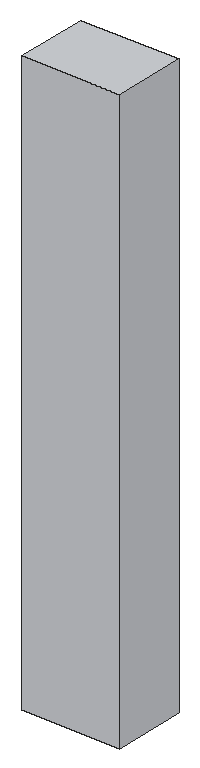
Revit family "Stud", category Generic Models, Revit 2024
Family settings
  Can host rebar = No
  Round Connector Dimension = Use Diameter
  Part Type = Normal
  Work Plane-Based = No
  Always vertical = Yes
  Cut with Voids When Loaded = No
  Maintain Annotation Orientation = No
  Shared = No
  Room Calculation Point = No
Parameters
  Default Elevation = 0' - 0"
Reference planes (in)
  plane 1 "Center (Front/Back)": y = 0
  plane 2: z = 0
  plane 3 "Center (Left/Right)": x = 0
Forms (in)
  Extrusion 1, solid
    sketch origin (0, 0, 0) x (1, 0, 0) y (0, 1, 0)
      loop
        line (-1, -0.75) -> (1, -0.75) -> (1, 0.75) -> (-1, 0.75) -> (-1, -0.75)
    from 0 to 12
Dimensions and locks (in)
  aligned and locked: plane 2 to level
